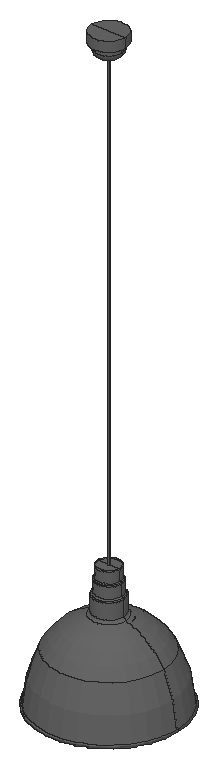
Revit family "Deep Bowl MB", category Lighting Fixtures, Revit 2020
Family settings
  Round Connector Dimension = Use Diameter
  Part Type = Normal
  OmniClass Number = 23.80.70.00
  OmniClass Title = Lighting
  Work Plane-Based = No
  Always vertical = Yes
  Cut with Voids When Loaded = No
  Light Source = Yes
  Shared = No
  Room Calculation Point = No
Parameters (values of type "OSD622")
  b = 0' - 3"
  a = 1' - 3"
  Weight = "7.5lbs"
  Wattage Comments = "200 w Max"
  Wattage = 26.9284 W
  Warranty = "5 year limited warranty"  # constant formula
  built-in parameter 1150110 = 1 (stored number, unit not read)
  Voltage = 277 V  # constant formula
  URL = "https://www.anplighting.com/assets/Uploads/product-attachments/specification-sheets/ANP-Specification-Sheet-RLM-MB-OSD622.pdf"
  built-in parameter 1114217 = 1 (stored number, unit not read)
  Tilt Angle = 90.00°
  built-in parameter 1150109 = 1 (stored number, unit not read)
  built-in parameter 1150134 = 12
  built-in parameter 1150113 = 1 (stored number, unit not read)
  Photometric Web File = "D618M016LDNW30K.IES"
  OSD638 = no
  OSD630 = no
  OSD626 = no
  OSD622 = yes
  Mounting Option [instance] = 1
  Power Factor = 1
  Post Mount [instance] = Mounting Option = 5  # no
  Placement X axis side [instance] = if(Post Mount, 2' 2 15/32", if(Cord or Stem Mount, 0' 0", if(E36 20 inch, 1' 8 1/4", if(E 6 26 inch, 2' 2", if(E7 41 inch, 3' 5 1/4", 0' 1")))))  # 0' - 0"
  Model = "OSD622"
  Manufacturer = "ANP Lighting"  # constant formula
  built-in parameter 1150105 = 318.31 (stored number, unit not read)
  Lumens = 4000 lm
  built-in parameter 1150115 = 1 (stored number, unit not read)
  Load Classification = Lighting
  Light Source Height [instance] = 0' - 0"
  built-in parameter 1150137 = (empty or 0)
  built-in parameter 1150139 = (empty or 0)
  Light Elevation _2 [instance] = if(Post Mount, 0' 0.66142", if(E7 41 inch, 0' 0.66142", if(E36 20 inch, 0' 1.65748", if(E 6 26 inch, 0' 1.53543", if(Cord or Stem Mount, (0' 4.3622" + Cord Length), 0' 0")))))  # 6' - 4.3622"
  Light Elevation _1 [instance] = if(Post Mount, 0' 0", if(E7 41 inch, 0' 0", if(E36 20 inch, 0' 1", if(E 6 26 inch, 0' 0.87402", if(Cord or Stem Mount, (0' 3.66142" + Cord Length), 0' 0")))))  # 6' - 3.66142"
  Light Elevation [instance] = if(Post Mount, 14' 0.5315", if(E7 41 inch, 0' 0", 0' 0"))  # 0' - 0"
  Life = "L70 50,000 hours"  # constant formula
  built-in parameter 1150112 = 1 (stored number, unit not read)
  built-in parameter 1150114 = 1 (stored number, unit not read)
  Lamp = "MB"  # constant formula
  built-in parameter 1150132 = 2
  built-in parameter 1150102 = (empty or 0)
  built-in parameter 1150107 = 4000 (stored number, unit not read)
  built-in parameter 1150138 = (empty or 0)
  built-in parameter 1150106 = 3.1831 (stored number, unit not read)
  Fixture Height = 1' - 10"
  Fixture Diameter = 1' - 8"
  Efficiency = "65-125 lumens per watt"  # constant formula
  built-in parameter 1150104 = 13.8 (stored number, unit not read)
  E7 41 inch [instance] = Mounting Option = 4  # no
  E36 20 inch [instance] = Mounting Option = 3  # no
  E 6 26 inch [instance] = Mounting Option = 2  # no
  Dimming Lamp Color Temperature Shift = <None>
  Dimming = "1%"  # constant formula
  Description = "120-277 Voltage"  # constant formula
  Default Elevation = 0' - 0"
  D618 = no
  D616 = no
  D612 = no
  D610 = no
  D608 = no
  Cord or Stem Mount [instance] = Mounting Option = 1  # yes
  Cord Length option [instance] = 0
  Cord Length [instance] = if([2' Cord], 2' 0", if([4' Cord], 4' 0", if([8' Cord], 8' 0", if([10' Cord], 10' 0", if([6' Cord], 6' 0", 6' 0")))))  # 6' - 0"
  Construction Material = "Heavy Duty spun aluminum."  # constant formula
  Color Filter = 16777215
  CRI = ">90"  # constant formula
  Bulb = Bulb
  Body Material = body
  Body Colour = "Spun aluminium"  # constant formula
  built-in parameter 1114218 = 1 (stored number, unit not read)
  BULB = yes
  built-in parameter 1150133 = 10 (stored number, unit not read)
  Apparent Load = 200 VA
  8' Cord [instance] = Cord Length option = 8  # no
  6' Cord [instance] = Cord Length option = 6  # no
  4' Cord [instance] = Cord Length option = 4  # no
  2' Cord [instance] = Cord Length option = 2  # no
  10' Cord [instance] = Cord Length option = 10  # no
Reference planes (in)
  plane 1 "Light Source Axis (F/B)": y = 0
  plane 2: z = 0
  plane 3 "Light Source Axis (L/R)": x = 0
  plane 4 "Light Source Elevation": z = 0
  plane 5: z = 0
  plane 6: x = 0
  plane 7 "Bulb Position": z = -76.3622
  plane 8 "Canopy Position": z = -75.66142
  plane 9 "IES": z = -76.3622
  plane 10: z = 164.5315
  plane 11: z = -90.66142
  plane 12: z = -87.66142
  plane 13: z = -85.23029
Dimensions and locks (in)
  "Light Elevation": plane 5 to plane 2
  "Placement X axis side": plane 6 to plane 3 "Light Source Axis (L/R)"
  "Light Elevation _2": plane 5 to plane 7 "Bulb Position"
  "Light Elevation _1": plane 5 to plane 8 "Canopy Position"
  "Light Source Height": plane 7 "Bulb Position" to plane 9 "IES"
  locked: plane 4 "Light Source Elevation" to plane 2
  "a": plane 8 "Canopy Position" to plane 11
  "b": plane 12 to plane 11
  locked: plane 13 to plane 12 at 2.43113
  aligned and locked: level to plane 2
  aligned and locked: plane 1 "Light Source Axis (F/B)" to nested 5
  aligned and locked: nested 5 to plane 2
  aligned and locked: nested 1 to plane 3 "Light Source Axis (L/R)"
  aligned and locked: plane 3 "Light Source Axis (L/R)" to nested 2
  aligned and locked: plane 3 "Light Source Axis (L/R)" to nested 4
  aligned and locked: nested 3 to plane 5
  aligned and locked: plane 3 "Light Source Axis (L/R)" to nested 3
  aligned and locked: plane 1 "Light Source Axis (F/B)" to nested 2
  aligned and locked: plane 1 "Light Source Axis (F/B)" to nested 1
  aligned and locked: plane 1 "Light Source Axis (F/B)" to nested 4
  aligned and locked: plane 1 "Light Source Axis (F/B)" to nested 3
  aligned and locked: plane 2 to nested 1
  aligned and locked: plane 2 to nested 2
  aligned and locked: nested 4 to plane 2
  aligned and locked: imposter light to plane 6
  aligned and locked: plane 12 to imposter light
  aligned and locked: imposter light to plane 1 "Light Source Axis (F/B)"
  aligned and locked: plane 1 "Light Source Axis (F/B)" to nested 6
  aligned and locked: plane 6 to nested 6
  aligned and locked: plane 1 "Light Source Axis (F/B)" to nested 7
  aligned and locked: plane 1 "Light Source Axis (F/B)" to nested 8
  aligned and locked: plane 1 "Light Source Axis (F/B)" to nested 9
  aligned and locked: plane 1 "Light Source Axis (F/B)" to nested 10
  aligned and locked: plane 1 "Light Source Axis (F/B)" to nested 11
  aligned and locked: plane 1 "Light Source Axis (F/B)" to nested 12
  aligned and locked: plane 8 "Canopy Position" to nested 6
  aligned and locked: nested 7 to plane 6
  aligned and locked: plane 8 "Canopy Position" to nested 7
  aligned and locked: nested 8 to plane 6
  aligned and locked: plane 8 "Canopy Position" to nested 8
  aligned and locked: nested 9 to plane 6
  aligned and locked: plane 8 "Canopy Position" to nested 9
  aligned and locked: nested 10 to plane 6
  aligned and locked: plane 8 "Canopy Position" to nested 10
  aligned and locked: plane 6 to nested 11
  aligned and locked: nested 12 to plane 6
  aligned and locked: plane 8 "Canopy Position" to nested 12
  aligned and locked: nested 13 to plane 8 "Canopy Position"
  aligned and locked: nested 13 to plane 6
  aligned and locked: nested 14 to plane 8 "Canopy Position"
  aligned and locked: nested 14 to plane 6
  aligned and locked: nested 11 to plane 8 "Canopy Position"
  aligned and locked: nested 13 to plane 1 "Light Source Axis (F/B)"
Nested families (in)
  nested 1: "CORD OR STEM MOUNT" at (0, 0, -75.67), visible <- "Cord or Stem Mount", Cord or Stem Mount <- "Cord or Stem Mount", Body Material <- "Body Material", Light Elevation <- "Light Elevation", Cord Length <- "Cord Length", 10' Cord <- "10' Cord", 2' Cord <- "2' Cord", 4' Cord <- "4' Cord", 6' Cord <- "6' Cord", 8' Cord <- "8' Cord", type "CORD OR STEM MOUNT"
    with Light Elevation 0' - 0", Cord or Stem Mount yes, Cord Length 6' - 0", Body Material body, 8' Cord no, 6' Cord no, 4' Cord no, 2' Cord no, 10' Cord no
  nested 2: "E6 26 INCH" at (0, 0, 0), visible <- "E 6 26 inch", Chain Length <- "Cord Length", E 6 26 inch <- "E 6 26 inch", Placement X axis side <- "Placement X axis side", Body Material <- "Body Material", Light Elevation <- "Light Elevation", type "E6 26 INCH"
    with Placement X axis side 0' - 0", Light Elevation 0' - 0", E 6 26 inch no, Chain Length 6' - 0", Body Material body
  nested 3: "E7 41 INCH" at (0, 0, 0), Chain Length <- "Cord Length", visible <- "E7 41 inch", E7 41 inch <- "E7 41 inch", Placement X axis side <- "Placement X axis side", Body Material <- "Body Material", Light Elevation <- "Light Elevation", type "E7 41 INCH"
    with Placement X axis side 0' - 0", Light Elevation 0' - 0", E7 41 inch no, Chain Length 6' - 0", Body Material body
  nested 4: "E36 20 INCH" at (0, 0, 0), visible <- "E36 20 inch", E36 20 inch <- "E36 20 inch", Placement X axis side <- "Placement X axis side", Chain Length <- "Cord Length", Body Material <- "Body Material", Light Elevation <- "Light Elevation", type "E36 20 INCH"
    with Placement X axis side 0' - 0", Light Elevation 0' - 0", E36 20 inch no, Chain Length 6' - 0", Body Material body
  nested 5: "POST MOUNT" at (0, 0, 0), visible <- "Post Mount", Post Mount <- "Post Mount", Placement X axis side <- "Placement X axis side", Chain Length <- "Cord Length", Body Material <- "Body Material", Light Elevation <- "Light Elevation", type "POST MOUNT"
    with Post Mount no, Placement X axis side 0' - 0", Light Elevation 0' - 0", Chain Length 6' - 0", Body Material body
  nested 6: "1.D608" at (0, 0, -75.66142), Body <- "Body Material", visible <- "D608", D608 <- "D608", Light Elevation <- "Light Elevation", type "1.D608"
    with Light Elevation 0' - 0", D608 no, Body body
  nested 7: "2.D610" at (0, 0, -75.66142), visible <- "D610", Body <- "Body Material", Light Elevation <- "Light Elevation", D610 <- "D610", type "2.D610"
    with Light Elevation 0' - 0", D610 no, Body body
  nested 8: "3.D612" at (0, 0, -75.66142), D612 <- "D612", visible <- "D612", Body <- "Body Material", Light Elevation <- "Light Elevation", type "3.D612"
    with Light Elevation 0' - 0", D612 no, Body body
  nested 9: "4.D616" at (0, 0, -75.66137), Light Elevation <- "Light Elevation", Body <- "Body Material", visible <- "D616", D616 <- "D616", type "4.D616"
    with Light Elevation 0' - 0", D616 no, Body body
  nested 10: "5.D618" at (0, 0, -75.66142), visible <- "D618", D618 <- "D618", Body <- "Body Material", Light Elevation <- "Light Elevation", type "5.D618"
    with Light Elevation 0' - 0", D618 no, Body body
  nested 11: "6.OSD622" at (0, 0, -75.66142), Light Elevation <- "Light Elevation", Body <- "Body Material", visible <- "OSD622", OSD622 <- "OSD622", Bulb <- "Bulb", type "6.OSD622"
    with OSD622 yes, Light Elevation 0' - 0", Bulb Bulb, Body body
  nested 12: "8.OSD638" at (0, 0, -75.66142), OSD638 <- "OSD638", visible <- "OSD638", Body <- "Body Material", Light Elevation <- "Light Elevation", Bulb <- "Bulb", type "8.OSD638"
    with OSD638 no, Light Elevation 0' - 0", Bulb Bulb, Body body
  nested 13: "OSD626" at (0, -75.10736, -75.66142), visible <- "OSD626", Body <- "Body Material", Light Elevation <- "Light Elevation", OSD626 <- "OSD626", Bulb <- "Bulb", type "OSD626"
    with OSD626 no, Light Elevation 0' - 0", Bulb Bulb, Body body
  nested 14: "7.OSD630" at (0, 0, -75.66142), visible <- "OSD630", Body <- "Body Material", Light Elevation <- "Light Elevation", OSD630 <- "OSD630", Bulb <- "Bulb", type "7.OSD630"
    with OSD630 no, Light Elevation 0' - 0", Bulb Bulb, Body body
Definition of nested family "CORD OR STEM MOUNT"
  Parameters (values of type "CORD OR STEM MOUNT")
    URL = ""
    Model = ""
    Manufacturer = ""
    Light Elevation [instance] = 1' - 7.69"
    Default Elevation = 0' - 0"
    Cord or Stem Mount [instance] = yes
    Cord Length [instance] = 6' - 0"
    Body Material [instance] = none
    8' Cord [instance] = no
    6' Cord [instance] = no
    4' Cord [instance] = no
    2' Cord [instance] = no
    10' Cord [instance] = no
  Reference planes (in)
    plane 1 "Light Source Axis (F/B)": y = 0
    plane 2: z = 0
    plane 3 "Light Source Axis (L/R)": x = 0
    plane 4 "Light Source Elevation": z = 23.125
    plane 5: z = 91.69
    plane 6: z = 19.69
  Forms (in)
    Extrusion 1, void, not visible
      sketch origin (0, 0, 2.38154) x (1, 0, 0) y (0, 0, 1)
        loop
          circle (0, 4.59925) r 0.16583
      from 1.18594 to 1.75
    Extrusion 2, void, not visible
      sketch origin (0, 0, 2.38154) x (0.707107, -0.707107, 0) y (0, 0, 1)
        loop
          circle (0, 4.59925) r 0.16583
      from 1.18594 to 1.75
    Extrusion 3, void, not visible
      sketch origin (0, 0, 2.38154) x (0.707107, 0.707107, 0) y (0, 0, 1)
        loop
          circle (0, 4.59925) r 0.16583
      from 1.18594 to 1.75
    Extrusion 4, void, not visible
      sketch origin (0, 0, 2.38154) x (0, 1, 0) y (0, 0, 1)
        loop
          circle (0, 4.59925) r 0.16583
      from 1.18594 to 1.75
    Extrusion 5, void, not visible
      sketch origin (0, 0, 2.38154) x (-0.707107, 0.707107, 0) y (0, 0, 1)
        loop
          circle (0, 4.59925) r 0.16583
      from 1.18594 to 1.75
    Extrusion 6, void, not visible
      sketch origin (0, 0, 2.38154) x (-1, 0, 0) y (0, 0, 1)
        loop
          circle (0, 4.59925) r 0.20678
      from 1.18594 to 1.75
    Extrusion 7, void, not visible
      sketch origin (0, 0, 2.38154) x (-0.707107, -0.707107, 0) y (0, 0, 1)
        loop
          circle (0, 4.59925) r 0.16583
      from 1.18594 to 1.75
    Extrusion 8, void, not visible
      sketch origin (0, 0, 2.38154) x (0, -1, 0) y (0, 0, 1)
        loop
          circle (0, 4.59925) r 0.16583
      from 1.18594 to 1.75
    Revolve 9, solid, material <- "Body Material", visible <- "Cord or Stem Mount"
      sketch origin (0, 0, 174.56698) x (1, 0, 0) y (0, 0, 1)
        loop
          line (2.6875, -79.20698) -> (0, -79.20698) -> (0, -82.87698) -> (0.125, -82.87698) -> (0.125, -82.83698) -> (0.75, -82.83698)
          arc (0.75, -82.83698) -> (0.81694, -82.77004) -> (0.75, -82.7031) r 0.06694
          line (0.75, -82.7031) -> (0.89763, -82.7031) -> (1.00223, -82.5985) -> (1.06587, -82.5985)
          arc (1.06587, -82.5985) -> (1.80099, -82.29401) -> (2.10549, -81.55888) r 1.03962
          line (2.10549, -81.55888) -> (2.10549, -81.03899)
          arc (2.10549, -81.03899) -> (2.12951, -80.981) -> (2.1875, -80.95698) r 0.08201
          line (2.1875, -80.95698) -> (2.1875, -80.70698) -> (2.6875, -80.70698) -> (2.6875, -79.20698)
        axis (0, -79.20698) -> (0, -82.87698)
      angle from 0 to 360
    Revolve 10, solid, material <- "Body Material", visible <- "Cord or Stem Mount"
      sketch origin (0, 0, 0) x (1, 0, 0) y (0, 0, 1)
        loop
          line (0, 91.69) -> (-0.125, 91.69) -> (-0.125, 19.69) -> (0, 19.69) -> (0, 91.69)
        axis (0, 19.69) -> (0, 91.69)
      angle from 0 to 360
  Dimensions and locks (in)
    "Light Elevation": plane 6 to plane 2
    "Cord Length": plane 5 to plane 6
    locked: Revolve 10 sketch curve to Revolve 10 sketch curve at 0.125
    aligned and locked: level to plane 2
    aligned and locked: Revolve 10 sketch curve to plane 3 "Light Source Axis (L/R)"
    aligned and locked: Revolve 10 sketch curve to plane 6
    aligned and locked: Revolve 10 sketch curve to plane 5
    aligned and locked: plane 3 "Light Source Axis (L/R)" to Revolve 10 sketch curve
  Automatic sketch dimensions
    Revolve 9 sketch curve to plane 3 "Light Source Axis (L/R)" = 0' - 0"  (x2)
    Revolve 9 sketch curve to plane 5 = 0' - 0"
    plane 3 "Light Source Axis (L/R)" to Revolve 9 sketch curve = 0' - 0 1/8"
    Revolve 9 sketch curve to plane 5 = 0' - 0.17388"
    Revolve 9 sketch curve to Revolve 9 sketch curve = 0' - 0 5/8"
    Revolve 9 sketch curve to Revolve 9 sketch curve = 0' - 0.14763"
    Revolve 9 sketch curve to plane 5 = 0' - 0.27847"
    Revolve 9 sketch curve to Revolve 9 sketch curve = 0' - 0.1046"
    Revolve 9 sketch curve to Revolve 9 sketch curve = 0' - 0.06364"
    Revolve 9 sketch curve to Revolve 9 sketch curve = 0' - 1.03962"
    Revolve 9 sketch curve to Revolve 9 sketch curve = 0' - 0 21/256"
    Revolve 9 sketch curve to Revolve 9 sketch curve = 0' - 0 1/2"  (x2)
    Revolve 9 sketch curve to Revolve 9 sketch curve = 0' - 0.51989"
    Revolve 9 sketch curve to Revolve 9 sketch curve = 0' - 0 1/4"
    Revolve 9 sketch curve to Revolve 9 sketch curve = 0' - 2.3519"
    Revolve 9 sketch curve to Revolve 9 sketch curve = 0' - 1 1/4"
    Revolve 9 sketch curve to Revolve 9 sketch curve = 0' - 0.04"
    Revolve 10 sketch curve to Revolve 10 sketch curve = 0' - 0 1/2"
    Revolve 10 sketch curve to Revolve 10 sketch curve = 0' - 0.42345"
Definition of nested family "6.OSD622"
  Parameters (values of type "6.OSD622")
    OSD622 [instance] = yes
    Light Elevation [instance] = 5' - 0"
    Default Elevation = 0' - 0"
    Bulb [instance] = none
    Body [instance] = none
  Reference planes (in)
    plane 1 "Center (Front/Back)": y = 0
    plane 2: z = 0
    plane 3 "Center (Left/Right)": x = 0
    plane 4: z = 60
  Dimensions and locks (in)
    "Light Elevation": plane 4 to plane 2
    aligned and locked: plane 2 to level
    aligned and locked: plane 1 "Center (Front/Back)" to nested 1
    aligned and locked: plane 3 "Center (Left/Right)" to nested 1
    aligned and locked: nested 1 to plane 4
  Nested families (in)
    nested 1: "OSD622" at (0, 0, 40), visible <- "OSD622", OSD622 <- "OSD622", Body <- "Body", Bulb <- "Bulb", type "OSD622"
  Definition of nested family "OSD622"
    Parameters (values of type "OSD622")
      OSD622 [instance] = yes
      Default Elevation = 0' - 0"
      Bulb [instance] = none
      Body [instance] = none
    Reference planes (in)
      plane 1 "Center (Front/Back)": y = 0
      plane 2: z = 0
      plane 3 "Center (Left/Right)": x = 0
      plane 4: z = 3
      plane 5: z = 10
    Forms (in)
      Revolve 1, solid, material <- "Body", visible <- "OSD622"
        sketch origin (-107.73918, 0, 0) x (1, 0, 0) y (0, 0, 1)
          loop
            arc (106.02905, 20) -> (105.97409, 19.97723) -> (105.95132, 19.92227) r 0.07773
            line (105.95132, 19.92227) -> (105.95132, 18.26744)
            arc (105.95132, 18.26744) -> (105.90248, 18.12463) -> (105.77642, 18.04164) r 0.2332
            arc (105.77642, 18.04164) -> (105.7344, 18.01398) -> (105.71812, 17.96638) r 0.07773
            line (105.71812, 17.96638) -> (105.71812, 16.24638)
            arc (105.71812, 16.24638) -> (105.64804, 16.04973) -> (105.46938, 15.94173) r 0.31093
            arc (105.46938, 15.94173) -> (105.42471, 15.91473) -> (105.40719, 15.86557) r 0.07773
            line (105.40719, 15.86557) -> (105.40719, 13.43487)
            arc (105.40719, 13.43487) -> (105.2932, 13.12937) -> (105.00696, 12.97319) r 0.4664
            arc (105.00696, 12.97319) -> (101.59806, 11.0757) -> (99.07902, 8.09651) r 10.86683
            arc (99.07902, 8.09651) -> (97.61813, 4.20904) -> (96.98409, 0.10481) r 20.17645
            arc (96.98409, 0.10481) -> (96.8448, 0.14215) -> (96.86198, 0.28534) r 0.11009
            line (96.86198, 0.28534) -> (96.86198, 0.40391)
            arc (96.86198, 0.40391) -> (96.76485, 0.11242) -> (97.06097, 0.03047) r 0.21186
            arc (97.06097, 0.03047) -> (97.68219, 4.14109) -> (99.15209, 8.02986) r 19.7025
            arc (99.15209, 8.02986) -> (101.65799, 10.97716) -> (105.01831, 12.894) r 11.18034
            arc (105.01831, 12.894) -> (105.35365, 13.07697) -> (105.48719, 13.43487) r 0.5464
            line (105.48719, 13.43487) -> (105.48719, 15.86372)
            arc (105.48719, 15.86372) -> (105.71059, 15.99985) -> (105.79812, 16.24638) r 0.39093
            line (105.79812, 16.24638) -> (105.79812, 17.96463)
            arc (105.79812, 17.96463) -> (105.96626, 18.07634) -> (106.03132, 18.26744) r 0.3132
            line (106.03132, 18.26744) -> (106.03132, 19.92139) -> (107.61418, 19.92139) -> (107.61418, 20) -> (106.02905, 20)
          axis (107.73918, 0.03047) -> (107.73918, 20)
        angle from 0 to 360
      Revolve 2, solid, material <- "Bulb", visible <- "OSD622"
        sketch origin (0, 0, 0) x (1, 0, 0) y (0, 0, 1)
          loop
            line (0, 10) -> (0, 12.59627) -> (-3.25, 12.59627) -> (-3.25, 12.5) -> (-3, 12.5) -> (-0.25, 12.5) -> (-0.25, 11.75) -> (-1.25, 11.75) -> (-1.25, 10) -> (0, 10)
          axis (0, 10) -> (0, 12.59627)
        angle from 0 to 360
    Dimensions and locks (in)
      plane 4 to plane 2 = 0' - 3"
      plane 5 to plane 2 = 0' - 10"
      locked: Revolve 2 to plane 2 at 10
      aligned and locked: plane 2 to level
      aligned and locked: plane 3 "Center (Left/Right)" to Revolve 2 sketch curve
Definition of nested family "E6 26 INCH"
  Parameters (values of type "E6 26 INCH")
    URL = ""
    Placement X axis side [instance] = 2' - 2"
    Model = ""
    Manufacturer = ""
    Light Elevation [instance] = 8' - 4"
    E 6 26 inch [instance] = yes
    Default Elevation = 0' - 0"
    Chain Length [instance] = 0' - 0"
    Body Material [instance] = none
  Reference planes (in)
    plane 1 "Light Source Axis (F/B)": y = 0
    plane 2: z = 0
    plane 3 "Light Source Axis (L/R)": x = 0
    plane 4 "Light Source Elevation": z = 23.125
    plane 5: z = 100
    plane 6: x = -26
    plane 7: z = 99.125
    plane 8: x = -24.12
    plane 9: x = -25.5474
  Forms (in)
    Extrusion 1, void, not visible
      sketch origin (0, 0, 2.38154) x (1, 0, 0) y (0, 0, 1)
        loop
          circle (0, 4.59925) r 0.16583
      from 1.18594 to 1.75
    Extrusion 2, void, not visible
      sketch origin (0, 0, 2.38154) x (0.707107, -0.707107, 0) y (0, 0, 1)
        loop
          circle (0, 4.59925) r 0.16583
      from 1.18594 to 1.75
    Extrusion 3, void, not visible
      sketch origin (0, 0, 2.38154) x (0.707107, 0.707107, 0) y (0, 0, 1)
        loop
          circle (0, 4.59925) r 0.16583
      from 1.18594 to 1.75
    Extrusion 4, void, not visible
      sketch origin (0, 0, 2.38154) x (0, 1, 0) y (0, 0, 1)
        loop
          circle (0, 4.59925) r 0.16583
      from 1.18594 to 1.75
    Extrusion 5, void, not visible
      sketch origin (0, 0, 2.38154) x (-0.707107, 0.707107, 0) y (0, 0, 1)
        loop
          circle (0, 4.59925) r 0.16583
      from 1.18594 to 1.75
    Extrusion 6, void, not visible
      sketch origin (0, 0, 2.38154) x (-1, 0, 0) y (0, 0, 1)
        loop
          circle (0, 4.59925) r 0.20678
      from 1.18594 to 1.75
    Extrusion 7, void, not visible
      sketch origin (0, 0, 2.38154) x (-0.707107, -0.707107, 0) y (0, 0, 1)
        loop
          circle (0, 4.59925) r 0.16583
      from 1.18594 to 1.75
    Extrusion 8, void, not visible
      sketch origin (0, 0, 2.38154) x (0, -1, 0) y (0, 0, 1)
        loop
          circle (0, 4.59925) r 0.16583
      from 1.18594 to 1.75
    Sweep 9, solid, material <- "Body Material", visible <- "E 6 26 inch"
      path origin (-41.25, 0, 168.51693) x (1, 0, 0) y (0, 0, 1)
        loop
          line (17.13, -68.51693) -> (27.68551, -68.51693)
          arc (27.68551, -68.51693) -> (28.47996, -68.34486) -> (29.13202, -67.8595) r 1.92004
          line (29.13202, -67.8595) -> (34.23651, -62.01155)
          arc (34.23651, -62.01155) -> (38.65464, -60.89667) -> (41.25, -64.64193) r 4
          line (41.25, -64.64193) -> (41.25, -69.39193)
      profile origin (-18.84224, 0, 100) x (0, 0, 1) y (0, -1, 0)
        loop
          circle (0, 0) r 0.5
    Revolve 10, solid, material <- "Body Material", visible <- "E 6 26 inch"
      sketch origin (-26, 0, 168.51693) x (1, 0, 0) y (0, 0, 1)
        loop
          line (0, -66.07943) -> (0, -68.51693) -> (1.88, -68.51693) -> (1.88, -67.69272) -> (0.4526, -67.69272) -> (0.4526, -66.54122) -> (0.33125, -66.54122) -> (0.33125, -66.07943) -> (0, -66.07943)
        axis (0, -68.51693) -> (1.88, -68.51693)
      angle from 0 to 360
    Extrusion 11, solid, material <- "Body Material", visible <- "E 6 26 inch"
      sketch origin (-26, 0, 168.51693) x (0, -1, 0) y (0, 0, -1)
        loop
          line (0.25, 68.51693) -> (0.25, 69.51693) -> (-0.25, 69.51693) -> (-0.25, 68.51693) -> (0.25, 68.51693)
      from 0.4526 to 1.88
  Cuts and joins
    joined: Revolve 10, Extrusion 11
  Dimensions and locks (in)
    "Light Elevation": plane 5 to plane 2
    "Placement X axis side": plane 3 "Light Source Axis (L/R)" to plane 6
    locked: plane 5 to plane 7 at 0.875
    Revolve 10 sketch curve to Revolve 10 sketch curve to Revolve 10 sketch curve to plane 6 = 0' - 1.4274" locked, 0' - 0.12135" locked, 0' - 0.33125" locked
    Revolve 10 sketch curve to Revolve 10 sketch curve to Revolve 10 sketch curve to plane 5 = 0' - 0.46179" locked, 0' - 1.1515" locked, 0' - 0 211/256" locked
    locked: Sweep 9 sketch curve to plane 6 at 1.88
    locked: Sweep 9 sketch curve to Sweep 9 sketch curve at 10.55551
    locked: Sweep 9 sketch curve to Sweep 9 sketch curve at 13.56449
    locked: Sweep 9 sketch curve to Sweep 9 sketch curve at 4.75
    locked: plane 9 to plane 6 at 0.4526
    locked: plane 8 to plane 9 at 1.4274
    aligned and locked: level to plane 2
    aligned and locked: Revolve 10 sketch curve to plane 6
    aligned and locked: plane 5 to Revolve 10 sketch curve
    aligned and locked: Revolve 10 sketch curve to plane 5
    aligned and locked: cut or joined group of Revolve 10, Extrusion 11 to plane 9
    aligned and locked: plane 8 to cut or joined group of Revolve 10, Extrusion 11
  Automatic sketch dimensions
    Sweep 9 sketch curve to plane 5 = 0' - 0"
    Sweep 9 sketch curve to Sweep 9 sketch curve = 0' - 4"
    Sweep 9 sketch curve to Sweep 9 sketch curve = 0' - 3.01349"
    plane 5 to Sweep 9 sketch curve = 0' - 0.65743"
    Sweep 9 sketch curve to Sweep 9 sketch curve = 0' - 1.4465"
    Sweep 9 sketch curve to plane 5 = 0' - 0 7/8"
    profile plane to Sweep 9 sketch curve = 0' - 0"
    Sweep 9 sketch curve to profile plane = 0' - 0"
    plane 6 to Revolve 10 sketch curve = 0' - 0.62562"
    Revolve 10 sketch curve to Revolve 10 sketch curve = 0' - 0 1/2"
    Extrusion 11 sketch curve to plane 5 = 0' - 0"
    plane 1 "Light Source Axis (F/B)" to Extrusion 11 sketch curve = 0' - 0 1/4"
    Extrusion 11 sketch curve to plane 1 "Light Source Axis (F/B)" = 0' - 0 1/4"
    plane 5 to Extrusion 11 sketch curve = 0' - 1"
    radius of Sweep 9 sketch curve = 0' - 0 1/2"
Definition of nested family "E7 41 INCH"
  Parameters (values of type "E7 41 INCH")
    URL = ""
    Placement X axis side [instance] = 4' - 2"
    Model = ""
    Manufacturer = ""
    Light Elevation [instance] = 8' - 4"
    E7 41 inch [instance] = yes
    Default Elevation = 0' - 0"
    Chain Length [instance] = 0' - 0"
    Body Material [instance] = none
  Reference planes (in)
    plane 1 "Light Source Axis (F/B)": y = 0
    plane 2: z = 0
    plane 3 "Light Source Axis (L/R)": x = 0
    plane 4 "Light Source Elevation": z = 23.125
    plane 5: z = 100
    plane 6: x = -50
  Forms (in)
    Extrusion 1, void, not visible
      sketch origin (0, 0, 2.38154) x (1, 0, 0) y (0, 0, 1)
        loop
          circle (0, 4.59925) r 0.16583
      from 1.18594 to 1.75
    Extrusion 2, void, not visible
      sketch origin (0, 0, 2.38154) x (0.707107, -0.707107, 0) y (0, 0, 1)
        loop
          circle (0, 4.59925) r 0.16583
      from 1.18594 to 1.75
    Extrusion 3, void, not visible
      sketch origin (0, 0, 2.38154) x (0.707107, 0.707107, 0) y (0, 0, 1)
        loop
          circle (0, 4.59925) r 0.16583
      from 1.18594 to 1.75
    Extrusion 4, void, not visible
      sketch origin (0, 0, 2.38154) x (0, 1, 0) y (0, 0, 1)
        loop
          circle (0, 4.59925) r 0.16583
      from 1.18594 to 1.75
    Extrusion 5, void, not visible
      sketch origin (0, 0, 2.38154) x (-0.707107, 0.707107, 0) y (0, 0, 1)
        loop
          circle (0, 4.59925) r 0.16583
      from 1.18594 to 1.75
    Extrusion 6, void, not visible
      sketch origin (0, 0, 2.38154) x (-1, 0, 0) y (0, 0, 1)
        loop
          circle (0, 4.59925) r 0.20678
      from 1.18594 to 1.75
    Extrusion 7, void, not visible
      sketch origin (0, 0, 2.38154) x (-0.707107, -0.707107, 0) y (0, 0, 1)
        loop
          circle (0, 4.59925) r 0.16583
      from 1.18594 to 1.75
    Extrusion 8, void, not visible
      sketch origin (0, 0, 2.38154) x (0, -1, 0) y (0, 0, 1)
        loop
          circle (0, 4.59925) r 0.16583
      from 1.18594 to 1.75
    Revolve 9, solid, material <- "Body Material", visible <- "E7 41 inch"
      sketch origin (-41.25, 0, 168.39193) x (1, 0, 0) y (0, 0, 1)
        loop
          line (-8.75, -66.20443) -> (-8.75, -68.51693) -> (-6.87, -68.51693) -> (-6.87, -67.69272) -> (-8.2974, -67.69272) -> (-8.2974, -66.54122) -> (-8.41875, -66.54122) -> (-8.41875, -66.20443) -> (-8.75, -66.20443)
        axis (-8.75, -68.51693) -> (-6.87, -68.51693)
      angle from 0 to 360
    Extrusion 10, solid, material <- "Body Material", visible <- "E7 41 inch"
      sketch origin (-41.25, 0, 168.39193) x (0, -1, 0) y (0, 0, -1)
        loop
          line (0.25, 68.51693) -> (0.25, 69.51693) -> (-0.25, 69.51693) -> (-0.25, 68.51693) -> (0.25, 68.51693)
      from -8.2974 to -6.87
    Sweep 11, solid, material <- "Body Material", visible <- "E7 41 inch"
      path origin (-41.25, 0, 168.39193) x (1, 0, 0) y (0, 0, 1)
        loop
          line (-6.87, -68.51693) -> (16.04011, -68.51693)
          arc (16.04011, -68.51693) -> (17.864, -68.13651) -> (19.38375, -67.0587) r 4.5625
          line (19.38375, -67.0587) -> (24.70217, -61.33018)
          arc (24.70217, -61.33018) -> (29.64465, -60.20324) -> (32.5, -64.39193) r 4.5
          line (32.5, -64.39193) -> (32.5, -68.39193)
      profile origin (-36.66494, 0, 99.875) x (0, 0, 1) y (0, -1, 0)
        loop
          circle (0, 0) r 0.5
  Dimensions and locks (in)
    "Placement X axis side": plane 3 "Light Source Axis (L/R)" to plane 6
    "Light Elevation": plane 5 to plane 2
    locked: Revolve 9 sketch curve to Revolve 9 sketch curve at 0.33125
    locked: Revolve 9 sketch curve to Revolve 9 sketch curve at 0.4526
    locked: Revolve 9 sketch curve to Revolve 9 sketch curve at 1.88
    locked: Revolve 9 sketch curve to Revolve 9 sketch curve at 0.82421
    locked: Revolve 9 sketch curve to Revolve 9 sketch curve at 1.1515
    locked: Revolve 9 sketch curve to Revolve 9 sketch curve at 0.33679
    locked: plane 5 to Revolve 9 sketch curve at 0.125
    locked: Extrusion 10 sketch curve to Extrusion 10 sketch curve at 0.5
    locked: Extrusion 10 sketch curve to Extrusion 10 sketch curve at 1
    locked: plane 5 to Extrusion 10 sketch curve at 0.125
    locked: plane 5 to Sweep 11 sketch curve at 0.125
    locked: Sweep 11 sketch curve to Sweep 11 sketch curve at 39.37
    locked: Sweep 11 sketch curve to Sweep 11 sketch curve at 4
    locked: plane 6 to Extrusion 10 at 0.4526
    locked: Sweep 11 sketch curve to plane 6 at 1.88
    locked: Extrusion 10 to Extrusion 10 at 1.4274
    aligned and locked: plane 2 to level
    aligned and locked: Revolve 9 sketch curve to plane 6
  Automatic sketch dimensions
    Revolve 9 sketch curve to plane 5 = 0' - 0 1/8"
    plane 6 to Revolve 9 sketch curve = 0' - 0.62562"
    Revolve 9 sketch curve to Revolve 9 sketch curve = 0' - 0 1/2"
    plane 1 "Light Source Axis (F/B)" to Extrusion 10 sketch curve = 0' - 0 1/4"
    Sweep 11 sketch curve to plane 5 = 0' - 0"
    Sweep 11 sketch curve to Sweep 11 sketch curve = 0' - 4 1/2"
    Sweep 11 sketch curve to Sweep 11 sketch curve = 0' - 3.29783"
    plane 5 to Sweep 11 sketch curve = 0' - 1.33323"
    Sweep 11 sketch curve to Sweep 11 sketch curve = 0' - 5.31842"
    Sweep 11 sketch curve to Sweep 11 sketch curve = 0' - 3.34364"
    profile plane to Sweep 11 sketch curve = 0' - 0"
    Sweep 11 sketch curve to profile plane = 0' - 0"
    radius of Sweep 11 sketch curve = 0' - 0 1/2"
Definition of nested family "E36 20 INCH"
  Parameters (values of type "E36 20 INCH")
    URL = ""
    Placement X axis side [instance] = 1' - 8 1/4"
    Model = ""
    Manufacturer = ""
    Light Elevation [instance] = 8' - 4"
    E36 20 inch [instance] = yes
    Default Elevation = 0' - 0"
    Chain Length [instance] = 0' - 0"
    Body Material [instance] = none
  Reference planes (in)
    plane 1 "Light Source Axis (F/B)": y = 0
    plane 2: z = 0
    plane 3 "Light Source Axis (L/R)": x = 0
    plane 4 "Light Source Elevation": z = 23.125
    plane 5: z = 99
    plane 6: x = -20.25
    plane 7: z = 100
    plane 8: x = -18.37008
    plane 9: x = -19.79724
  Forms (in)
    Extrusion 1, void, not visible
      sketch origin (0, 0, 2.38154) x (1, 0, 0) y (0, 0, 1)
        loop
          circle (0, 4.59925) r 0.16583
      from 1.18594 to 1.75
    Extrusion 2, void, not visible
      sketch origin (0, 0, 2.38154) x (0.707107, -0.707107, 0) y (0, 0, 1)
        loop
          circle (0, 4.59925) r 0.16583
      from 1.18594 to 1.75
    Extrusion 3, void, not visible
      sketch origin (0, 0, 2.38154) x (0.707107, 0.707107, 0) y (0, 0, 1)
        loop
          circle (0, 4.59925) r 0.16583
      from 1.18594 to 1.75
    Extrusion 4, void, not visible
      sketch origin (0, 0, 2.38154) x (0, 1, 0) y (0, 0, 1)
        loop
          circle (0, 4.59925) r 0.16583
      from 1.18594 to 1.75
    Extrusion 5, void, not visible
      sketch origin (0, 0, 2.38154) x (-0.707107, 0.707107, 0) y (0, 0, 1)
        loop
          circle (0, 4.59925) r 0.16583
      from 1.18594 to 1.75
    Extrusion 6, void, not visible
      sketch origin (0, 0, 2.38154) x (-1, 0, 0) y (0, 0, 1)
        loop
          circle (0, 4.59925) r 0.20678
      from 1.18594 to 1.75
    Extrusion 7, void, not visible
      sketch origin (0, 0, 2.38154) x (-0.707107, -0.707107, 0) y (0, 0, 1)
        loop
          circle (0, 4.59925) r 0.16583
      from 1.18594 to 1.75
    Extrusion 8, void, not visible
      sketch origin (0, 0, 2.38154) x (0, -1, 0) y (0, 0, 1)
        loop
          circle (0, 4.59925) r 0.16583
      from 1.18594 to 1.75
    Sweep 9, solid, material <- "Body Material", visible <- "E36 20 inch"
      path origin (-41.25, 0, 169.51693) x (1, 0, 0) y (0, 0, 1)
        loop
          line (22.88, -69.51693) -> (28.93827, -69.51693)
          arc (28.93827, -69.51693) -> (29.97705, -69.28152) -> (30.81284, -68.62128) r 2.40953
          line (30.81284, -68.62128) -> (34.13807, -64.50378)
          arc (34.13807, -64.50378) -> (38.58272, -63.24548) -> (41.25, -67.01693) r 4
          line (41.25, -67.01693) -> (41.25, -70.51693)
      profile origin (-15.34086, 0, 100) x (0, 0, 1) y (0, -1, 0)
        loop
          circle (0, 0) r 0.5
    Revolve 10, solid, material <- "Body Material", visible <- "E36 20 inch"
      sketch origin (-20.25, 0, 169.51693) x (1, 0, 0) y (0, 0, 1)
        loop
          line (0, -67.20443) -> (0, -69.51693) -> (1.88, -69.51693) -> (1.88, -68.69272) -> (0.4526, -68.69272) -> (0.4526, -67.54122) -> (0.33125, -67.54122) -> (0.33125, -67.20443) -> (0, -67.20443)
        axis (0, -69.51693) -> (1.88, -69.51693)
      angle from 0 to 360
    Extrusion 11, solid, material <- "Body Material", visible <- "E36 20 inch"
      sketch origin (-20.25, 0, 169.51693) x (0, -1, 0) y (0, 0, -1)
        loop
          line (0.25, 69.51693) -> (0.25, 70.51693) -> (-0.25, 70.51693) -> (-0.25, 69.51693) -> (0.25, 69.51693)
      from 1.87992 to 0.45276
  Cuts and joins
    joined: Revolve 10, Extrusion 11
  Dimensions and locks (in)
    "Light Elevation": plane 7 to plane 2
    "Placement X axis side": plane 3 "Light Source Axis (L/R)" to plane 6
    locked: plane 7 to plane 5 at 1
    Revolve 10 sketch curve to Revolve 10 sketch curve to Revolve 10 sketch curve to plane 7 = 0' - 0.33679" locked, 0' - 1.1515" locked, 0' - 0 211/256" locked
    locked: Sweep 9 sketch curve to plane 6 at 1.88
    locked: Sweep 9 sketch curve to Sweep 9 sketch curve at 6.05827
    locked: Sweep 9 sketch curve to Sweep 9 sketch curve at 12.31173
    locked: Sweep 9 sketch curve to Sweep 9 sketch curve at 3.5
    Revolve 10 sketch curve to Revolve 10 sketch curve to Revolve 10 sketch curve to plane 6 = 0' - 1.4274" locked, 0' - 0.12135" locked, 0' - 0.33125" locked
    locked: plane 9 to plane 6 at 0.45276
    locked: plane 8 to plane 9 at 1.42717
    aligned and locked: level to plane 2
    aligned and locked: plane 7 to Revolve 10 sketch curve
    aligned and locked: Revolve 10 sketch curve to plane 7
    aligned and locked: Revolve 10 sketch curve to plane 6
    aligned and locked: cut or joined group of Revolve 10, Extrusion 11 to plane 9
    aligned and locked: plane 8 to cut or joined group of Revolve 10, Extrusion 11
  Automatic sketch dimensions
    Sweep 9 sketch curve to plane 7 = 0' - 0"
    Sweep 9 sketch curve to plane 5 = 0' - 0"
    Sweep 9 sketch curve to Sweep 9 sketch curve = 0' - 4"
    Sweep 9 sketch curve to plane 7 = 0' - 0.89565"
    Sweep 9 sketch curve to Sweep 9 sketch curve = 0' - 3.32523"
    Sweep 9 sketch curve to Sweep 9 sketch curve = 0' - 1.87457"
    profile plane to Sweep 9 sketch curve = 0' - 0"
    Sweep 9 sketch curve to profile plane = 0' - 0"
    plane 6 to Revolve 10 sketch curve = 0' - 0.62562"
    Revolve 10 sketch curve to Revolve 10 sketch curve = 0' - 0 1/2"
    plane 7 to Extrusion 11 sketch curve = 0' - 0"
    Extrusion 11 sketch curve to plane 5 = 0' - 0"
    plane 1 "Light Source Axis (F/B)" to Extrusion 11 sketch curve = 0' - 0 1/4"
    Extrusion 11 sketch curve to plane 1 "Light Source Axis (F/B)" = 0' - 0 1/4"
    radius of Sweep 9 sketch curve = 0' - 0 1/2"
Definition of nested family "POST MOUNT"
  Parameters (values of type "POST MOUNT")
    URL = ""
    Post Mount [instance] = yes
    Placement X axis side [instance] = 2' - 2 1/2"
    Model = ""
    Manufacturer = ""
    Light Elevation [instance] = 14' - 0.5168"
    Default Elevation = 0' - 0"
    Chain Length [instance] = 0' - 0"
    Body Material [instance] = none
  Reference planes (in)
    plane 1 "Light Source Axis (F/B)": y = 0
    plane 2: z = 0
    plane 3 "Light Source Axis (L/R)": x = 0
    plane 4 "Light Source Elevation": z = 23.125
    plane 5: x = -26.5
    plane 6: z = 168.5168
  Forms (in)
    Extrusion 1, void, not visible
      sketch origin (0, 0, 2.38154) x (1, 0, 0) y (0, 0, 1)
        loop
          circle (0, 4.59925) r 0.16583
      from 1.18594 to 1.75
    Extrusion 2, void, not visible
      sketch origin (0, 0, 2.38154) x (0.707107, -0.707107, 0) y (0, 0, 1)
        loop
          circle (0, 4.59925) r 0.16583
      from 1.18594 to 1.75
    Extrusion 3, void, not visible
      sketch origin (0, 0, 2.38154) x (0.707107, 0.707107, 0) y (0, 0, 1)
        loop
          circle (0, 4.59925) r 0.16583
      from 1.18594 to 1.75
    Extrusion 4, void, not visible
      sketch origin (0, 0, 2.38154) x (0, 1, 0) y (0, 0, 1)
        loop
          circle (0, 4.59925) r 0.16583
      from 1.18594 to 1.75
    Extrusion 5, void, not visible
      sketch origin (0, 0, 2.38154) x (-0.707107, 0.707107, 0) y (0, 0, 1)
        loop
          circle (0, 4.59925) r 0.16583
      from 1.18594 to 1.75
    Extrusion 6, void, not visible
      sketch origin (0, 0, 2.38154) x (-1, 0, 0) y (0, 0, 1)
        loop
          circle (0, 4.59925) r 0.20678
      from 1.18594 to 1.75
    Extrusion 7, void, not visible
      sketch origin (0, 0, 2.38154) x (-0.707107, -0.707107, 0) y (0, 0, 1)
        loop
          circle (0, 4.59925) r 0.16583
      from 1.18594 to 1.75
    Extrusion 8, void, not visible
      sketch origin (0, 0, 2.38154) x (0, -1, 0) y (0, 0, 1)
        loop
          circle (0, 4.59925) r 0.16583
      from 1.18594 to 1.75
    Revolve 9, solid, material <- "Body Material", visible <- "Post Mount"
      sketch origin (-7.90508, 0, 0) x (1, 0, 0) y (0, 0, 1)
        loop
          line (-18.59492, 3.92912) -> (-16.29831, 3.92912) -> (-16.29831, 4.2668) -> (-16.91413, 4.2668) -> (-16.91413, 134.5168) -> (-17.16413, 134.5168) -> (-17.16413, 137.3918) -> (-17.05979, 137.3918)
          arc (-17.05979, 137.3918) -> (-16.93479, 137.5168) -> (-17.05979, 137.6418) r 0.125
          line (-17.05979, 137.6418) -> (-17.48032, 137.6418) -> (-17.48032, 139.0793) -> (-17.73032, 139.0793) -> (-17.73032, 139.5793) -> (-18.59492, 139.5793) -> (-18.59492, 3.92912)
        axis (-18.59492, 139.5793) -> (-18.59492, 3.92912)
      angle from 0 to 360
    Extrusion 10, solid, material <- "Body Material", visible <- "Post Mount"
      sketch origin (0, 0, 0) x (1, 0, 0) y (0, 1, 0)
        loop
          line (-20.5, 5.93079) -> (-32.5, 5.93079) -> (-32.5, -6.06921) -> (-20.5, -6.06921) -> (-20.5, 5.93079)
      from 0 to 3.92912
    Sweep 11, solid, material <- "Body Material", visible <- "Post Mount"
      path origin (0, 0, 48.5) x (1, 0, 0) y (0, 0, 1)
        loop
          line (0, 120.0168) -> (0, 128.0168)
          arc (0, 128.0168) -> (-13.25, 141.2668) -> (-26.5, 128.0168) r 13.25
          line (-26.5, 128.0168) -> (-26.5, 91.0793)
      profile origin (0, 0, 172.5168) x (-1, 0, 0) y (0, -1, 0)
        loop
          circle (0, 0) r 0.5
    Revolve 12, solid, material <- "Body Material", visible <- "Post Mount"
      sketch origin (0, 0, 0) x (1, 0, 0) y (0, 0, 1)
        loop
          line (0, 168.5168) -> (0.75, 168.5168) -> (0.75, 170.7668) -> (0, 170.7668) -> (0, 168.5168)
        axis (0, 170.7668) -> (0, 168.5168)
      angle from 0 to 360
  Cuts and joins
    joined: Revolve 9, Extrusion 10, Sweep 11, Revolve 12
  Dimensions and locks (in)
    "Placement X axis side": plane 3 "Light Source Axis (L/R)" to plane 5
    "Light Elevation": plane 6 to plane 2
    locked: Revolve 12 sketch curve to plane 5 at 26.5  (x2)
    locked: Revolve 9 sketch curve to plane 2 at 3.92912
    locked: Revolve 9 sketch curve to plane 5 at 2.29661
    locked: Revolve 9 sketch curve to plane 5 at 1.68079
    locked: Revolve 9 sketch curve to plane 5 at 1.43079
    locked: Revolve 9 sketch curve to plane 5 at 1.11461
    locked: Revolve 9 sketch curve to plane 5 at 0.86461
    locked: Revolve 9 sketch curve to Revolve 9 sketch curve at 130.58768
    locked: Revolve 9 sketch curve to Revolve 9 sketch curve at 2.875
    locked: Revolve 9 sketch curve to Revolve 9 sketch curve at 0.25
    locked: Revolve 9 sketch curve to Revolve 9 sketch curve at 1.4375
    locked: Revolve 9 sketch curve to Revolve 9 sketch curve at 0.5
    locked: Sweep 11 sketch curve to Sweep 11 sketch curve at 26.5
    locked: Revolve 12 sketch curve to Revolve 12 sketch curve at 0.75
    locked: cut or joined group of Revolve 9, Extrusion 10, Sweep 11, Revolve 12 to plane 2 at 139.5793
    aligned and locked: level to plane 2
    aligned and locked: plane 5 to Sweep 11 sketch curve
    aligned and locked: Revolve 9 sketch curve to plane 5
  Automatic sketch dimensions
    Revolve 9 sketch curve to plane 5 = 0' - 0"
    Revolve 9 sketch curve to Revolve 9 sketch curve = 0' - 0.10434"
    Revolve 9 sketch curve to Revolve 9 sketch curve = 0' - 0.33768"
    Revolve 9 sketch curve to Revolve 9 sketch curve = 0' - 0 1/4"
    Revolve 9 sketch curve to Revolve 9 sketch curve = 0' - 0 7/16"
    Extrusion 10 sketch curve to plane 5 = 0' - 6"
    plane 5 to Extrusion 10 sketch curve = 0' - 6"
    plane 1 "Light Source Axis (F/B)" to Extrusion 10 sketch curve = 0' - 6.06921"
    Extrusion 10 sketch curve to plane 1 "Light Source Axis (F/B)" = 0' - 5.93079"
    Sweep 11 sketch curve to profile plane = 0' - 0"
    profile plane to Sweep 11 sketch curve = 0' - 0"
    Sweep 11 sketch curve to plane 6 = 0' - 0"
    Sweep 11 sketch curve to plane 6 = 0' - 8"
    plane 6 to Sweep 11 sketch curve = 2' - 4 15/16"
    Revolve 12 sketch curve to plane 6 = 0' - 0"
    Revolve 12 sketch curve to plane 6 = 0' - 2 1/4"
    Revolve 12 sketch curve to Revolve 12 sketch curve = 0' - 0 1/2"
    Revolve 12 sketch curve to Revolve 12 sketch curve = 0' - 0"
    radius of Sweep 11 sketch curve = 0' - 0 1/2"
Definition of nested family "1.D608"
  Parameters (values of type "1.D608")
    Light Elevation [instance] = 4' - 0"
    Default Elevation = 0' - 0"
    D608 [instance] = yes
    Body [instance] = none
  Reference planes (in)
    plane 1 "Center (Front/Back)": y = 0
    plane 2: z = 0
    plane 3 "Center (Left/Right)": x = 0
    plane 4: z = 48
  Dimensions and locks (in)
    "Light Elevation": plane 4 to plane 2
    aligned and locked: plane 2 to level
    aligned and locked: plane 1 "Center (Front/Back)" to nested 1
    aligned and locked: plane 3 "Center (Left/Right)" to nested 1
    aligned and locked: nested 1 to plane 4
  Nested families (in)
    nested 1: "D608" at (0, 0, 40.5), Body <- "Body", D608 <- "D608", visible <- "D608", type "D608"
  Definition of nested family "D608"
    Parameters (values of type "D608")
      W = 0' - 8"
      Default Elevation = 0' - 0"
      D608 [instance] = yes
      Body [instance] = none
    Reference planes (in)
      plane 1 "Center (Front/Back)": y = 0
      plane 2: z = 0
      plane 3 "Center (Left/Right)": x = 0
      plane 4: z = 7.5
    Forms (in)
      Revolve 1, solid, material <- "Body", visible <- "D608"
        sketch origin (0, 0, -3.42847) x (1, 0, 0) y (0, 0, 1)
          loop
            arc (-3.67844, 3.61442) -> (-3.75944, 3.52438) -> (-3.87586, 3.49098) r 0.21959
            arc (-3.87586, 3.49098) -> (-3.93758, 3.5527) -> (-3.87586, 3.61442) r 0.06172
            line (-3.87586, 3.61442) -> (-3.87586, 3.67692)
            arc (-3.87586, 3.67692) -> (-4.00008, 3.5527) -> (-3.87586, 3.42848) r 0.12422
            arc (-3.87586, 3.42848) -> (-3.72202, 3.47356) -> (-3.61686, 3.59455) r 0.285
            arc (-3.61686, 3.59455) -> (-2.93312, 5.95733) -> (-1.26092, 7.76121) r 5.32809
            arc (-1.26092, 7.76121) -> (-1.11483, 7.92058) -> (-1.05824, 8.12924) r 0.4575
            line (-1.05824, 8.12924) -> (-1.03693, 8.93908)
            arc (-1.03693, 8.93908) -> (-1.03476, 8.95989) -> (-1.0294, 8.98012) r 0.135
            line (-1.0294, 8.98012) -> (-0.96376, 9.16765)
            arc (-0.96376, 9.16765) -> (-0.95319, 9.20798) -> (-0.9492, 9.24948) r 0.26
            line (-0.9492, 9.24948) -> (-0.92417, 10.85135) -> (-0.25, 10.85135) -> (-0.25, 10.92847) -> (-0.88825, 10.92847)
            arc (-0.88825, 10.92847) -> (-0.95753, 10.90009) -> (-0.98699, 10.83126) r 0.09875
            line (-0.98699, 10.83126) -> (-1.01169, 9.25046)
            arc (-1.01169, 9.25046) -> (-1.01472, 9.21893) -> (-1.02275, 9.1883) r 0.1975
            line (-1.02275, 9.1883) -> (-1.08839, 9.00077)
            arc (-1.08839, 9.00077) -> (-1.09623, 8.97117) -> (-1.09941, 8.94072) r 0.1975
            line (-1.09941, 8.94072) -> (-1.12072, 8.13089)
            arc (-1.12072, 8.13089) -> (-1.16958, 7.95073) -> (-1.29571, 7.81313) r 0.395
            arc (-1.29571, 7.81313) -> (-2.98338, 5.99542) -> (-3.67844, 3.61442) r 5.39059
          axis (0, 10.92847) -> (0, 3.42848)
        angle from 0 to 360
    Dimensions and locks (in)
      plane 4 to plane 2 = 0' - 7 1/2"
      aligned and locked: plane 2 to level
      aligned and locked: Revolve 1 to plane 4
Definition of nested family "2.D610"
  Parameters
    Light Elevation [instance] = 4' - 0"
    Default Elevation = 0' - 0"
    D610 [instance] = yes
    Body [instance] = none
  Reference planes (in)
    plane 1 "Center (Front/Back)": y = 0
    plane 2: z = 0
    plane 3 "Center (Left/Right)": x = 0
    plane 4: z = 48
  Dimensions and locks (in)
    "Light Elevation": plane 4 to plane 2
    aligned and locked: plane 2 to level
    aligned and locked: plane 1 "Center (Front/Back)" to nested 1
    aligned and locked: plane 3 "Center (Left/Right)" to nested 1
    aligned and locked: plane 4 to nested 1
  Nested families (in)
    nested 1: "D610" at (0, 0, 38.75), visible <- "D610", Body <- "Body", type "D610"
      with Body none
  Definition of nested family "D610"
    Parameters (values of type "D610")
      Default Elevation = 0' - 0"
      D610 = yes
      Body [instance] = none
    Reference planes (in)
      plane 1 "Center (Front/Back)": y = 0
      plane 2: z = 0
      plane 3 "Center (Left/Right)": x = 0
      plane 4: z = 9.25
    Forms (in)
      Revolve 1, solid, material <- "Body", visible <- "D610"
        sketch origin (0, 0, -3.64614) x (1, 0, 0) y (0, 0, 1)
          loop
            line (-1.25317, 12.77309) -> (-1.28062, 11.01661)
            arc (-1.28062, 11.01661) -> (-1.28446, 10.97671) -> (-1.29462, 10.93793) r 0.25
            line (-1.29462, 10.93793) -> (-1.3777, 10.70055)
            arc (-1.3777, 10.70055) -> (-1.38763, 10.66309) -> (-1.39165, 10.62454) r 0.25
            line (-1.39165, 10.62454) -> (-1.41863, 9.59943)
            arc (-1.41863, 9.59943) -> (-1.48048, 9.37139) -> (-1.64014, 9.19721) r 0.5
            arc (-1.64014, 9.19721) -> (-3.77642, 6.89631) -> (-4.65625, 3.88239) r 6.82353
            arc (-4.65625, 3.88239) -> (-4.74747, 3.7636) -> (-4.8927, 3.72701) r 0.22805
            arc (-4.8927, 3.72701) -> (-4.98228, 3.79841) -> (-4.90437, 3.88239) r 0.07812
            line (-4.90437, 3.88239) -> (-4.90437, 3.96239)
            arc (-4.90437, 3.96239) -> (-5.0625, 3.8043) -> (-4.90446, 3.64614) r 0.15812
            arc (-4.90446, 3.64614) -> (-4.69897, 3.69575) -> (-4.57687, 3.8683) r 0.30082
            arc (-4.57687, 3.8683) -> (-3.7093, 6.8525) -> (-1.59561, 9.13075) r 6.74353
            arc (-1.59561, 9.13075) -> (-1.4104, 9.3328) -> (-1.33866, 9.59733) r 0.58
            line (-1.33866, 9.59733) -> (-1.31168, 10.62243)
            arc (-1.31168, 10.62243) -> (-1.30895, 10.64865) -> (-1.3022, 10.67412) r 0.17
            line (-1.3022, 10.67412) -> (-1.21911, 10.9115)
            arc (-1.21911, 10.9115) -> (-1.20569, 10.96269) -> (-1.20063, 11.01536) r 0.33
            line (-1.20063, 11.01536) -> (-1.17324, 12.76809)
            arc (-1.17324, 12.76809) -> (-1.15982, 12.79945) -> (-1.12825, 12.81238) r 0.045
            line (-1.12825, 12.81238) -> (-0.25, 12.81238) -> (-0.25, 12.89614) -> (-1.12819, 12.89614)
            arc (-1.12819, 12.89614) -> (-1.21588, 12.86021) -> (-1.25317, 12.77309) r 0.125
          axis (0, 12.89614) -> (0, 3.64614)
        angle from 0 to 360
    Dimensions and locks (in)
      plane 4 to plane 2 = 0' - 9 1/4"
      aligned and locked: plane 2 to level
      aligned and locked: Revolve 1 to plane 4
Definition of nested family "3.D612"
  Parameters
    Light Elevation [instance] = 4' - 0"
    Default Elevation = 0' - 0"
    D612 [instance] = yes
    Body [instance] = none
  Reference planes (in)
    plane 1 "Center (Front/Back)": y = 0
    plane 2: z = 0
    plane 3 "Center (Left/Right)": x = 0
    plane 4: z = 48
  Dimensions and locks (in)
    "Light Elevation": plane 4 to plane 2
    aligned and locked: plane 2 to level
    aligned and locked: plane 1 "Center (Front/Back)" to nested 1
    aligned and locked: plane 3 "Center (Left/Right)" to nested 1
    aligned and locked: nested 1 to plane 4
  Nested families (in)
    nested 1: "D612" at (0, 0, 37), visible <- "D612", D612 <- "Body", type "D612"
  Definition of nested family "D612"
    Parameters (values of type "D612")
      Default Elevation = 0' - 0"
      D612 [instance] = none
    Reference planes (in)
      plane 1 "Center (Front/Back)": y = 0
      plane 2: z = 0
      plane 3 "Center (Left/Right)": x = 0
    Forms (in)
      Revolve 1, solid, material <- "D612"
        sketch origin (0, 0, -3.53288) x (1, 0, 0) y (0, 0, 1)
          loop
            line (-2.13909, 10.15787) -> (-2.0478, 10.15787)
            arc (-2.0478, 10.15787) -> (-1.81566, 10.25333) -> (-1.71782, 10.48449) r 0.33
            line (-1.71782, 10.48449) -> (-1.70046, 12.18111)
            arc (-1.70046, 12.18111) -> (-1.69574, 12.21783) -> (-1.68317, 12.25265) r 0.17
            line (-1.68317, 12.25265) -> (-1.60968, 12.40272)
            arc (-1.60968, 12.40272) -> (-1.58524, 12.47053) -> (-1.57611, 12.54204) r 0.33
            line (-1.57611, 12.54204) -> (-1.54501, 14.19793)
            arc (-1.54501, 14.19793) -> (-1.52933, 14.26638) -> (-1.48783, 14.32323) r 0.17
            arc (-1.48783, 14.32323) -> (-1.43644, 14.39268) -> (-1.41824, 14.47714) r 0.205
            line (-1.41824, 14.47714) -> (-1.41824, 14.43781) -> (-0.25, 14.43781) -> (-0.25, 14.53288) -> (-1.40824, 14.53288)
            arc (-1.40824, 14.53288) -> (-1.47188, 14.50652) -> (-1.49824, 14.44288) r 0.09
            line (-1.49824, 14.44288) -> (-1.49824, 14.47714)
            arc (-1.49824, 14.47714) -> (-1.50934, 14.42564) -> (-1.54017, 14.38272) r 0.125
            arc (-1.54017, 14.38272) -> (-1.60193, 14.3) -> (-1.625, 14.19938) r 0.25
            line (-1.625, 14.19938) -> (-1.6561, 12.54349)
            arc (-1.6561, 12.54349) -> (-1.66301, 12.4893) -> (-1.68153, 12.43791) r 0.25
            line (-1.68153, 12.43791) -> (-1.75502, 12.28783)
            arc (-1.75502, 12.28783) -> (-1.77354, 12.23644) -> (-1.78046, 12.18225) r 0.25
            line (-1.78046, 12.18225) -> (-1.79782, 10.48531)
            arc (-1.79782, 10.48531) -> (-1.87193, 10.31019) -> (-2.0478, 10.23787) r 0.25
            line (-2.0478, 10.23787) -> (-2.12994, 10.23787)
            arc (-2.12994, 10.23787) -> (-2.15491, 10.23535) -> (-2.17888, 10.22789) r 0.125
            arc (-2.17888, 10.22789) -> (-3.21597, 9.60212) -> (-4.03864, 8.7131) r 4.32123
            arc (-4.03864, 8.7131) -> (-5.15852, 6.34594) -> (-5.625, 3.76912) r 9.99325
            arc (-5.625, 3.76912) -> (-5.7062, 3.65319) -> (-5.84188, 3.61287) r 0.21497
            arc (-5.84188, 3.61287) -> (-5.92, 3.69099) -> (-5.84187, 3.76912) r 0.07813
            line (-5.84187, 3.76912) -> (-5.84187, 3.84912)
            arc (-5.84187, 3.84912) -> (-6, 3.69211) -> (-5.84411, 3.53288) r 0.15813
            arc (-5.84411, 3.53288) -> (-5.6518, 3.59402) -> (-5.54509, 3.7653) r 0.29191
            arc (-5.54509, 3.7653) -> (-5.08255, 6.32087) -> (-3.97214, 8.6686) r 9.91325
            arc (-3.97214, 8.6686) -> (-3.16137, 9.5434) -> (-2.13909, 10.15787) r 4.24123
          axis (0, 14.53288) -> (0, 3.53288)
        angle from 0 to 360
    Dimensions and locks (in)
      aligned and locked: plane 2 to level
Definition of nested family "4.D616"
  Parameters
    Light Elevation [instance] = 4' - 0"
    Default Elevation = 0' - 0"
    D616 [instance] = yes
    Body [instance] = none
  Reference planes (in)
    plane 1 "Center (Front/Back)": y = 0
    plane 2: z = 0
    plane 3 "Center (Left/Right)": x = 0
    plane 4: z = 48
  Dimensions and locks (in)
    "Light Elevation": plane 4 to plane 2
    aligned and locked: plane 2 to level
    aligned and locked: plane 1 "Center (Front/Back)" to nested 1
    aligned and locked: plane 3 "Center (Left/Right)" to nested 1
    aligned and locked: plane 4 to nested 1
  Nested families (in)
    nested 1: "D616" at (0, 0, 34.875), D616 <- "Body", visible <- "D616", type "D616"
      with D616 none
  Definition of nested family "D616"
    Parameters (values of type "D616")
      Default Elevation = 0' - 0"
      D616 [instance] = none
    Reference planes (in)
      plane 1 "Center (Front/Back)": y = 0
      plane 2: z = 0
      plane 3 "Center (Left/Right)": x = 0
      plane 4: x = -8
      plane 5: z = 13.125
    Forms (in)
      Revolve 1, solid, material <- "D616"
        sketch origin (0, 0, -4.34509) x (1, 0, 0) y (0, 0, 1)
          loop
            arc (-1.65611, 15.40001) -> (-1.66309, 15.34616) -> (-1.68153, 15.29509) r 0.25
            line (-1.68153, 15.29509) -> (-1.75502, 15.14501)
            arc (-1.75502, 15.14501) -> (-1.77354, 15.09361) -> (-1.78046, 15.03943) r 0.25
            line (-1.78046, 15.03943) -> (-1.79782, 13.34249)
            arc (-1.79782, 13.34249) -> (-1.87193, 13.16737) -> (-2.0478, 13.09505) r 0.25
            line (-2.0478, 13.09505) -> (-2.15523, 13.09505)
            arc (-2.15523, 13.09505) -> (-2.33502, 13.07875) -> (-2.50894, 13.0304) r 1
            arc (-2.50894, 13.0304) -> (-4.0134, 12.2352) -> (-5.27504, 11.09327) r 6.84088
            arc (-5.27504, 11.09327) -> (-6.98641, 7.9885) -> (-7.625, 4.5013) r 11.03549
            line (-7.625, 4.5013) -> (-7.92187, 4.5013)
            arc (-7.92187, 4.5013) -> (-8, 4.42317) -> (-7.92187, 4.34505) r 0.07812
            line (-7.92187, 4.34505) -> (-7.54698, 4.34505)
            arc (-7.54698, 4.34505) -> (-6.93707, 7.88784) -> (-5.21322, 11.04247) r 10.95549
            arc (-5.21322, 11.04247) -> (-3.96677, 12.17019) -> (-2.48064, 12.95557) r 6.76088
            arc (-2.48064, 12.95557) -> (-2.32063, 13.00006) -> (-2.15523, 13.01505) r 0.92
            line (-2.15523, 13.01505) -> (-2.0478, 13.01505)
            arc (-2.0478, 13.01505) -> (-1.81566, 13.11051) -> (-1.71782, 13.34167) r 0.33
            line (-1.71782, 13.34167) -> (-1.70046, 15.03829)
            arc (-1.70046, 15.03829) -> (-1.69574, 15.075) -> (-1.68317, 15.10983) r 0.17
            line (-1.68317, 15.10983) -> (-1.60968, 15.2599)
            arc (-1.60968, 15.2599) -> (-1.58533, 15.32735) -> (-1.57612, 15.39846) r 0.33
            line (-1.57612, 15.39846) -> (-1.545, 17.05566)
            arc (-1.545, 17.05566) -> (-1.52922, 17.12381) -> (-1.48733, 17.17983) r 0.17
            arc (-1.48733, 17.17983) -> (-1.43609, 17.24962) -> (-1.41824, 17.33432) r 0.205
            line (-1.41824, 17.33432) -> (-1.41824, 17.39005) -> (-0.25, 17.39005) -> (-0.25, 17.47005) -> (-1.40824, 17.47005)
            arc (-1.40824, 17.47005) -> (-1.47188, 17.44369) -> (-1.49824, 17.38005) r 0.09
            line (-1.49824, 17.38005) -> (-1.49824, 17.33432)
            arc (-1.49824, 17.33432) -> (-1.50934, 17.28282) -> (-1.54067, 17.24047) r 0.125
            arc (-1.54067, 17.24047) -> (-1.60213, 17.15773) -> (-1.62499, 17.05722) r 0.25
            line (-1.62499, 17.05722) -> (-1.65611, 15.40001)
          axis (0, 17.47005) -> (0, 4.34505)
        angle from 0 to 360
    Dimensions and locks (in)
      plane 5 to plane 2 = 1' - 1 1/8"
      plane 3 "Center (Left/Right)" to plane 4 = 0' - 8"
      aligned and locked: plane 2 to level
Definition of nested family "5.D618"
  Parameters (values of type "5.D618")
    Light Elevation [instance] = 3' - 5.47568"
    Default Elevation = 0' - 0"
    D618 [instance] = yes
    Body [instance] = none
  Reference planes (in)
    plane 1 "Center (Front/Back)": y = 0
    plane 2: z = 0
    plane 3 "Center (Left/Right)": x = 0
    plane 4: z = 41.47568
  Dimensions and locks (in)
    "Light Elevation": plane 4 to plane 2
    aligned and locked: plane 2 to level
    aligned and locked: plane 1 "Center (Front/Back)" to nested 1
    aligned and locked: plane 3 "Center (Left/Right)" to nested 1
    aligned and locked: plane 4 to nested 1
  Nested families (in)
    nested 1: "D618" at (0, 0, 25.47568), D618 <- "Body", visible <- "D618", type "D618"
  Definition of nested family "D618"
    Parameters (values of type "D618")
      Default Elevation = 0' - 0"
      D618 [instance] = none
    Reference planes (in)
      plane 1 "Center (Front/Back)": y = 0
      plane 2: z = 0
      plane 3 "Center (Left/Right)": x = 0
      plane 4: z = 16
      plane 5: x = -9
    Forms (in)
      Revolve 1, solid, material <- "D618"
        sketch origin (0, 0, -6.03601) x (1, 0, 0) y (0, 0, 1)
          loop
            arc (-2.1968, 16.54669) -> (-5.04446, 15.36023) -> (-6.96307, 12.94448) r 6.17625
            arc (-6.96307, 12.94448) -> (-8.08705, 9.68132) -> (-8.625, 6.27219) r 19.72292
            arc (-8.625, 6.27219) -> (-8.70826, 6.15913) -> (-8.84187, 6.11594) r 0.22892
